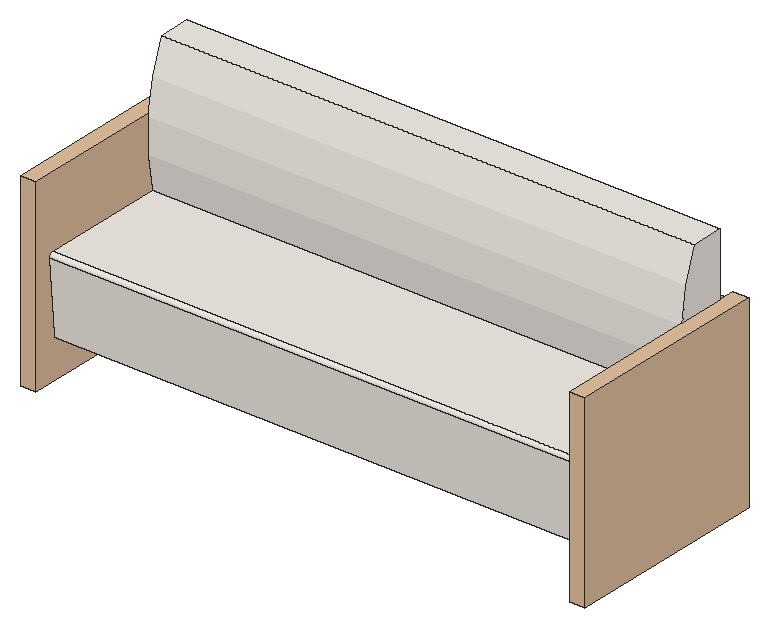
Revit family
Parameters (values of type "1830mm")
  Width = 1830.00 mm
  Seat Material = Textile - Linen, Smooth
  Frame Material = Wood - Cherry
Types (3, lengths in mm): name | Width
  (no name) | 1830.00
  1830mm | 1830.00
  1372mm | 1372.00
Reference planes
  plane 1 "Center (Front/Back)": y = 146.154
  plane 2: z = 0
  plane 3 "Center (Left/Right)": x = 70.37
  plane 4: y = 476.354
  plane 5: y = -184.046
  plane 6: x = 985.37
  plane 7: x = -844.63
  plane 8: z = 812.8
  plane 9: x = -793.83
  plane 10: x = 934.57
Forms (mm)
  Extrusion 1, solid, material "Wood - Cherry" <- "Frame Material"
    sketch origin (0, 0, 0) x (1, 0, 0) y (0, 1, 0)
      loop
        line (-844.63, 476.354) -> (-844.63, -184.046) -> (-793.83, -184.046) -> (-793.83, 476.354) -> (-844.63, 476.354)
      loop
        line (934.57, 476.354) -> (934.57, -184.046) -> (985.37, -184.046) -> (985.37, 476.354) -> (934.57, 476.354)
    from 0 to 609.6
  Extrusion 2, solid, material "Textile - Linen, Smooth" <- "Seat Material"
    sketch origin (985.37, 0, 0) x (0, -1, 0) y (0, 0, 1)
      loop
        line (119.386, 381) -> (-286.176, 381)
        arc (-286.176, 381) -> (-268.63, 600.088) -> (-323.954, 812.8) r 660.4
        line (-323.954, 812.8) -> (-425.554, 812.8) -> (-425.554, 127.967) -> (111.108, 127.967) -> (132.038, 367.193)
        arc (132.038, 367.193) -> (128.75, 376.88) -> (119.386, 381) r 12.7
    from 50.8 to 1779.2
  Extrusion 3, solid, material "Wood - Cherry" <- "Frame Material"
    sketch origin (985.37, 0, 0) x (0, -1, 0) y (0, 0, 1)
      loop
        line (-476.354, 584.2) -> (-476.354, 457.2) -> (-425.554, 457.2) -> (-425.554, 584.2) -> (-476.354, 584.2)
      loop
        line (-476.354, 393.7) -> (-476.354, 266.7) -> (-425.554, 266.7) -> (-425.554, 393.7) -> (-476.354, 393.7)
      loop
        line (-476.354, 203.2) -> (-476.354, 76.2) -> (-425.554, 76.2) -> (-425.554, 203.2) -> (-476.354, 203.2)
    from 50.8 to 1779.2
Lines and regions (mm)
  Masking region 1
    outline origin (0, 0, 0) x (1, 0, 0) y (0, 1, 0)
      loop
        line (-793.83, -132.038) -> (934.57, -132.038) -> (934.57, -184.046) -> (985.37, -184.046) -> (985.37, 476.354) -> (-844.63, 476.354) -> (-844.63, -184.046) -> (-793.83, -184.046) -> (-793.83, -132.038)
  symbolic lines
    curve 1: line (-793.83, 476.354, 0) -> (934.57, 476.354, 0)
    curve 2: line (-793.83, 425.554, 0) -> (-793.83, 476.354, 0)
    curve 3: line (934.57, 425.554, 0) -> (-793.83, 425.554, 0)
    curve 4: line (934.57, 476.354, 0) -> (934.57, 425.554, 0)
    curve 5: line (985.37, -184.046, 0) -> (934.57, -184.046, 0)
    curve 6: line (985.37, 476.354, 0) -> (985.37, -184.046, 0)
    curve 7: line (934.57, 476.354, 0) -> (985.37, 476.354, 0)
    curve 8: line (934.57, -184.046, 0) -> (934.57, 476.354, 0)
    curve 9: line (-793.83, -184.046, 0) -> (-844.63, -184.046, 0)
    curve 10: line (-793.83, 476.354, 0) -> (-793.83, -184.046, 0)
    curve 11: line (-844.63, 476.354, 0) -> (-793.83, 476.354, 0)
    curve 12: line (-844.63, -184.046, 0) -> (-844.63, 476.354, 0)
    curve 13: line (-793.83, -132.038, 0) -> (934.57, -132.038, 0)
    curve 14: line (934.57, 323.954, 0) -> (-793.83, 323.954, 0)
Dimensions and locks
  equal spacing: plane 7, plane 3 "Center (Left/Right)", plane 6
  equal spacing: plane 5, plane 1 "Center (Front/Back)", plane 4
  "Width": plane 7 to plane 6
  locked: plane 7 to plane 9 at 50.8
  locked: plane 10 to plane 6 at 50.8
  aligned and locked: Extrusion 2 to Extrusion 1  (x2)
  aligned and locked: Extrusion 2 to Extrusion 3
  aligned and locked: plane 9 to Extrusion 2
  aligned and locked: Extrusion 1 to plane 9
  aligned and locked: Extrusion 2 to plane 10
  aligned and locked: plane 10 to Extrusion 1
Automatic sketch dimensions
  Extrusion 2 sketch curve to plane 8 = 0.00 mm
  Extrusion 2 sketch curve to plane 4 = 450.163 mm
  plane 4 to Extrusion 2 sketch curve = 50.80 mm
  Extrusion 2 sketch curve to Extrusion 2 sketch curve = 101.60 mm
  Extrusion 2 sketch curve to plane 1 "Center (Front/Back)" = 140.022 mm
  Extrusion 2 sketch curve to plane 5 = 72.938 mm
  Extrusion 2 sketch curve to plane 5 = 64.66 mm
  Extrusion 2 sketch curve to Extrusion 2 sketch curve = 12.652 mm
  level to Extrusion 2 sketch curve = 542.53 mm
  Extrusion 2 sketch curve to Extrusion 2 sketch curve = 12.70 mm
  level to Extrusion 2 sketch curve = 127.967 mm
  Extrusion 3 sketch curve to plane 4 = 0.00 mm  (x3)
  plane 4 to Extrusion 3 sketch curve = 50.80 mm  (x3)
  level to Extrusion 3 sketch curve = 76.20 mm
  Extrusion 3 sketch curve to Extrusion 3 sketch curve = 127.00 mm  (x3)
  Extrusion 3 sketch curve to Extrusion 3 sketch curve = 63.50 mm  (x2)
  curve 12 to plane 5 = 0.00 mm
  curve 12 to plane 7 = 0.00 mm
  curve 11 to plane 4 = 0.00 mm
  curve 5 to plane 5 = 0.00 mm
  curve 6 to plane 6 = 0.00 mm
  curve 3 to plane 7 = 50.80 mm
  plane 6 to curve 4 = 50.80 mm
  curve 5 to curve 13 = 52.008 mm
  curve 14 to curve 1 = 152.40 mm
  curve 3 to curve 1 = 50.80 mm
  Extrusion 1 sketch curve to plane 5 = 0.00 mm  (x2)
  Extrusion 1 sketch curve to plane 7 = 0.00 mm
  Extrusion 1 sketch curve to plane 4 = 0.00 mm  (x2)
  Extrusion 1 sketch curve to plane 6 = 0.00 mm
  Extrusion 1 sketch curve to Extrusion 1 sketch curve = 50.80 mm
  plane 6 to Extrusion 1 sketch curve = 50.80 mm
  Masking region 1 sketch curve to plane 4 = 0.00 mm
  Masking region 1 sketch curve to plane 7 = 0.00 mm
  Masking region 1 sketch curve to plane 5 = 0.00 mm  (x2)
  Masking region 1 sketch curve to plane 6 = 0.00 mm
  Masking region 1 sketch curve to plane 7 = 50.80 mm
  plane 6 to Masking region 1 sketch curve = 50.80 mm
  Masking region 1 sketch curve to Masking region 1 sketch curve = 52.008 mm
